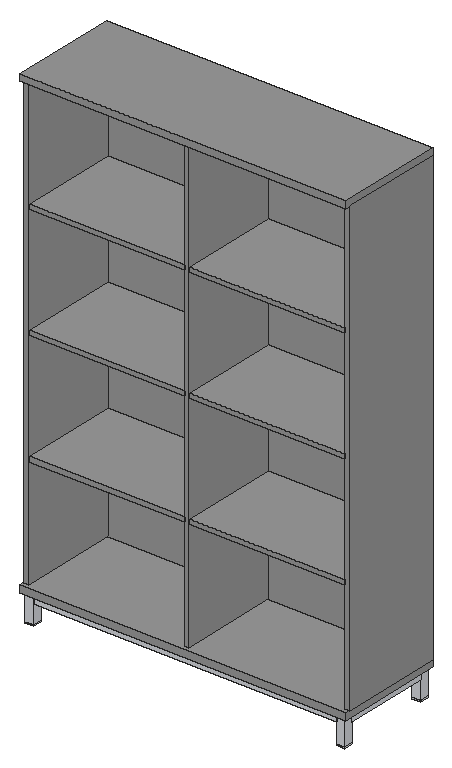
Revit family "Open Fronted Modular Storage With Wooden Door Options", category Furniture, Revit 2019 (continued)
Definition of nested family "Hinged Locking Wooden Doors - HD2 - Level 3"
  Definition of nested family "Handle Type B-1"
    Forms (mm)
      Extrusion 12, void
        sketch origin (-867.923, -128.373, 994.578) x (0, 1, 0) y (-1, 0, 0)
          loop
            line (71.667, -873.923) -> (97.075, -873.923) -> (97.075, -872.291) -> (71.667, -872.291) -> (71.667, -873.923)
        from -6 to 6
      Extrusion 13, void
        sketch origin (-862.923, -128.373, 994.578) x (0, 1, 0) y (-1, 0, 0)
          loop
            line (71.667, -873.923) -> (98.373, -873.923) -> (98.373, -872.291) -> (71.667, -872.291) -> (71.667, -873.923)
        from -6 to 6
      Extrusion 14, void
        sketch origin (-857.923, -128.373, 994.578) x (0, 1, 0) y (-1, 0, 0)
          loop
            line (71.667, -873.923) -> (98.373, -873.923) -> (98.373, -872.291) -> (71.667, -872.291) -> (71.667, -873.923)
        from -6 to 6
      Extrusion 15, void
        sketch origin (-852.923, -128.373, 994.578) x (0, 1, 0) y (-1, 0, 0)
          loop
            line (71.667, -873.923) -> (98.842, -873.923) -> (98.842, -872.291) -> (71.667, -872.291) -> (71.667, -873.923)
        from -6 to 6
      Extrusion 16, void
        sketch origin (-847.923, -128.373, 994.578) x (0, 1, 0) y (-1, 0, 0)
          loop
            line (71.667, -873.923) -> (99.385, -873.923) -> (99.385, -872.291) -> (71.667, -872.291) -> (71.667, -873.923)
        from -6 to 6
      Extrusion 17, void
        sketch origin (-842.923, -128.373, 994.578) x (0, 1, 0) y (-1, 0, 0)
          loop
            line (71.667, -873.923) -> (100.2, -873.923) -> (100.2, -872.291) -> (71.667, -872.291) -> (71.667, -873.923)
        from -6 to 6
      Extrusion 18, void
        sketch origin (-837.923, -128.373, 994.578) x (0, 1, 0) y (-1, 0, 0)
          loop
            line (71.667, -873.923) -> (100.984, -873.923) -> (100.984, -872.291) -> (71.667, -872.291) -> (71.667, -873.923)
        from -6 to 6
      Extrusion 19, void
        sketch origin (-832.923, -128.373, 994.578) x (0, 1, 0) y (-1, 0, 0)
          loop
            line (71.667, -873.923) -> (102.35, -873.923) -> (102.35, -872.291) -> (71.667, -872.291) -> (71.667, -873.923)
        from -6 to 6
    Cuts and joins
      Extrusion 1, Extrusion 4, Extrusion 5, Extrusion 6, Extrusion 7, Extrusion 8, Extrusion 9, Extrusion 10, Extrusion 11, Extrusion 12, Extrusion 13, Extrusion 14, Extrusion 15, Extrusion 16, Extrusion 17, Extrusion 18, Extrusion 19 cuts Sweep 3
    Lines and regions (mm)
      model lines, not visible, detail levels coarse+medium
        curve 1: line (75, 0, 999.578) -> (75, 0, 989.578)
      model lines, not visible
        curve 2: line (-75, 0, 999.578) -> (-75, 0, 989.578)
        curve 4: line (0, 0, 994.578) -> (0, -30, 994.578)
        curve 6: line (0, 0, 999.578) -> (0, 0, 989.578)
      model lines
        curve 3: line (-75, 0, 994.578) -> (75, 0, 994.578)
      sketch lines
        curve 5: arc (-85, -5, 994.578) -> (0, -30, 994.578) -> (85, -5, 994.578) r 157
    Dimensions and locks
      equal spacing: plane 4, plane 3 "Center (Left/Right)", plane 5
      locked: plane 4 to plane 5 at 950
      equal spacing: plane 6, plane 1 "Center (Front/Back)", plane 7
      locked: plane 6 to plane 7 at 520
      aligned and locked: level to plane 2
    Automatic sketch dimensions
      curve 4 to curve 4 = 30 mm
      curve 6 to plane 3 "Center (Left/Right)" = 0 mm
      plane 3 "Center (Left/Right)" to curve 1 = 75 mm
      level to curve 1 = 989.578 mm
      curve 3 to plane 3 "Center (Left/Right)" = 75 mm
      curve 2 to curve 1 = 0 mm
      curve 6 to curve 1 = 0 mm
      curve 2 to curve 3 = 5 mm
      curve 6 to curve 6 = 10 mm
      curve 3 to curve 2 = 5 mm
      curve 3 to curve 1 = 5 mm
      plane 3 "Center (Left/Right)" to Extrusion 1 sketch curve = 0.632 mm
      plane 1 "Center (Front/Back)" to Extrusion 1 sketch curve = 56.707 mm
      Extrusion 1 sketch curve to Extrusion 1 sketch curve = 25.409 mm
      Extrusion 1 sketch curve to plane 3 "Center (Left/Right)" = 1 mm
      plane 3 "Center (Left/Right)" to Extrusion 2 sketch curve = 75 mm
      level to Extrusion 2 sketch curve = 994.578 mm
      Extrusion 2 sketch curve to plane 3 "Center (Left/Right)" = 75 mm
      Extrusion 2 sketch curve to Extrusion 2 sketch curve = 0 mm
      Sweep 3 sketch curve to profile plane = 0 mm  (x2)
      Sweep 3 sketch curve to Sweep 3 sketch curve = 7.5 mm
      Extrusion 4 sketch curve to plane 3 "Center (Left/Right)" = 4.368 mm
      plane 1 "Center (Front/Back)" to Extrusion 4 sketch curve = 56.707 mm
      Extrusion 4 sketch curve to Extrusion 4 sketch curve = 25.409 mm
      Extrusion 4 sketch curve to Extrusion 4 sketch curve = 1.632 mm
      Extrusion 5 sketch curve to plane 3 "Center (Left/Right)" = 9.368 mm
      plane 1 "Center (Front/Back)" to Extrusion 5 sketch curve = 56.707 mm
      Extrusion 5 sketch curve to Extrusion 5 sketch curve = 26.707 mm
      Extrusion 5 sketch curve to Extrusion 5 sketch curve = 1.632 mm
      Extrusion 6 sketch curve to plane 3 "Center (Left/Right)" = 14.368 mm
      plane 1 "Center (Front/Back)" to Extrusion 6 sketch curve = 56.707 mm
      Extrusion 6 sketch curve to Extrusion 6 sketch curve = 26.707 mm
      Extrusion 6 sketch curve to Extrusion 6 sketch curve = 1.632 mm
      Extrusion 7 sketch curve to plane 3 "Center (Left/Right)" = 19.368 mm
      plane 1 "Center (Front/Back)" to Extrusion 7 sketch curve = 56.707 mm
      Extrusion 7 sketch curve to Extrusion 7 sketch curve = 27.176 mm
      Extrusion 7 sketch curve to Extrusion 7 sketch curve = 1.632 mm
      Extrusion 8 sketch curve to plane 3 "Center (Left/Right)" = 24.368 mm
      plane 1 "Center (Front/Back)" to Extrusion 8 sketch curve = 56.707 mm
      Extrusion 8 sketch curve to Extrusion 8 sketch curve = 27.719 mm
      Extrusion 8 sketch curve to Extrusion 8 sketch curve = 1.632 mm
      plane 1 "Center (Front/Back)" to Extrusion 9 sketch curve = 56.707 mm
      plane 1 "Center (Front/Back)" to Extrusion 9 sketch curve = 28.173 mm
      Extrusion 9 sketch curve to plane 3 "Center (Left/Right)" = 29.368 mm
      Extrusion 9 sketch curve to Extrusion 9 sketch curve = 1.632 mm
      plane 1 "Center (Front/Back)" to Extrusion 10 sketch curve = 56.707 mm
      plane 1 "Center (Front/Back)" to Extrusion 10 sketch curve = 27.389 mm
      Extrusion 10 sketch curve to plane 3 "Center (Left/Right)" = 34.368 mm
      Extrusion 10 sketch curve to Extrusion 10 sketch curve = 1.632 mm
      plane 1 "Center (Front/Back)" to Extrusion 11 sketch curve = 56.707 mm
      plane 1 "Center (Front/Back)" to Extrusion 11 sketch curve = 26.024 mm
      Extrusion 11 sketch curve to plane 3 "Center (Left/Right)" = 39.368 mm
      Extrusion 11 sketch curve to Extrusion 11 sketch curve = 1.632 mm
      plane 3 "Center (Left/Right)" to Extrusion 12 sketch curve = 4.368 mm
      plane 1 "Center (Front/Back)" to Extrusion 12 sketch curve = 56.707 mm
      Extrusion 12 sketch curve to Extrusion 12 sketch curve = 25.409 mm
      Extrusion 12 sketch curve to Extrusion 12 sketch curve = 1.632 mm
      plane 3 "Center (Left/Right)" to Extrusion 13 sketch curve = 9.368 mm
      plane 1 "Center (Front/Back)" to Extrusion 13 sketch curve = 56.707 mm
      Extrusion 13 sketch curve to Extrusion 13 sketch curve = 26.707 mm
      Extrusion 13 sketch curve to Extrusion 13 sketch curve = 1.632 mm
      plane 3 "Center (Left/Right)" to Extrusion 14 sketch curve = 14.368 mm
      plane 1 "Center (Front/Back)" to Extrusion 14 sketch curve = 56.707 mm
      Extrusion 14 sketch curve to Extrusion 14 sketch curve = 26.707 mm
      Extrusion 14 sketch curve to Extrusion 14 sketch curve = 1.632 mm
      plane 3 "Center (Left/Right)" to Extrusion 15 sketch curve = 19.368 mm
      plane 1 "Center (Front/Back)" to Extrusion 15 sketch curve = 56.707 mm
      Extrusion 15 sketch curve to Extrusion 15 sketch curve = 27.176 mm
      Extrusion 15 sketch curve to Extrusion 15 sketch curve = 1.632 mm
      plane 3 "Center (Left/Right)" to Extrusion 16 sketch curve = 24.368 mm
      plane 1 "Center (Front/Back)" to Extrusion 16 sketch curve = 56.707 mm
      Extrusion 16 sketch curve to Extrusion 16 sketch curve = 27.719 mm
      Extrusion 16 sketch curve to Extrusion 16 sketch curve = 1.632 mm
      plane 1 "Center (Front/Back)" to Extrusion 17 sketch curve = 56.707 mm
      plane 1 "Center (Front/Back)" to Extrusion 17 sketch curve = 28.173 mm
      plane 3 "Center (Left/Right)" to Extrusion 17 sketch curve = 31 mm
      Extrusion 17 sketch curve to Extrusion 17 sketch curve = 1.632 mm
      plane 1 "Center (Front/Back)" to Extrusion 18 sketch curve = 56.707 mm
      plane 1 "Center (Front/Back)" to Extrusion 18 sketch curve = 27.389 mm
      plane 3 "Center (Left/Right)" to Extrusion 18 sketch curve = 36 mm
      Extrusion 18 sketch curve to Extrusion 18 sketch curve = 1.632 mm
      plane 1 "Center (Front/Back)" to Extrusion 19 sketch curve = 56.707 mm
      plane 1 "Center (Front/Back)" to Extrusion 19 sketch curve = 26.024 mm
      plane 3 "Center (Left/Right)" to Extrusion 19 sketch curve = 41 mm
      Extrusion 19 sketch curve to Extrusion 19 sketch curve = 1.632 mm
      curve 4 to plane 1 "Center (Front/Back)" = 0 mm
      level to curve 4 = 994.578 mm
      radius of Extrusion 2 sketch curve = 4 mm  (x2)
  Definition of nested family "Handle Type D-1"
    Parameters (values of type "Handle Type D-1")
      URL = "www.gof.co.uk"
      Type Comments = ""
      Range = "STORAGE"
      Handle Type D = none
      Product Code = "Handle Type D"
      Model = ""
      Manufacturer = "Gresham Office Furniture"  # constant formula
      Assembly Code = "E2020200"
    Reference planes
      plane 1 "Center (Front/Back)": y = 0
      plane 2: z = 0
      plane 3 "Center (Left/Right)": x = 0
      plane 4: x = -475
      plane 5: x = 475
      plane 6: y = 260
      plane 7: y = -260
    Forms (mm)
      Extrusion 1, solid
        sketch origin (994.578, 0, 994.578) x (0, 0, 1) y (0, 1, 0)
          loop
            line (5, 0) -> (-5, 0) -> (-5, -6.91)
            arc (-5, -6.91) -> (-7.006, -15.176) -> (0, -20) r 7.5
            arc (0, -20) -> (7.006, -15.176) -> (5, -6.91) r 7.5
            line (5, -6.91) -> (5, 0)
        from 919.578 to 1069.578
    Lines and regions (mm)
      model lines, not visible, detail levels coarse+medium
        curve 1: line (75, 0, 999.578) -> (75, 0, 989.578)
        curve 2: line (-75, 0, 999.578) -> (-75, 0, 989.578)
      model lines, detail levels coarse+medium
        curve 3: line (-75, 0, 994.578) -> (75, 0, 994.578)
      model lines, not visible
        curve 4: line (0, 0, 999.578) -> (0, 0, 989.578)
    Dimensions and locks
      aligned and locked: level to plane 2
Definition of nested family "Hinged Locking Wooden Doors - HD2 - Level 1"
  Parameters (values of type "Hinged Locking Wooden Doors - HD2 - Level 1")
    Width = 1200 mm
    URL = "www.gof.co.uk"
    Range = "STORAGE"
    Product Data Specification = ""
    Product Code = "HD2"
    Product Brochure = ""
    Model = "BOOKCASE"
    Manufacturer = "Gresham Office Furniture"  # constant formula
    Height = 1816 mm
    Handle Type D [instance] = no
    Handle Type C [instance] = yes
    Handle Type B [instance] = no
    HD2 - Lock = yes
    Doors = none
    Depth = 400 mm
  Reference planes
    plane 1 "Center (Front/Back)": y = 0
    plane 2: z = 0
    plane 3 "Center (Left/Right)": x = 0
    plane 4: x = -600
    plane 5: x = 600
    plane 6: y = 200
    plane 7 "Front": y = -200
    plane 8 "Storage Top": z = 1816
    plane 9: z = 1803.5
    plane 10 "Door Front": y = -182
    plane 11: z = 112.5
    plane 12: z = 1791
    plane 13: z = 1400
    plane 14: z = 984
    plane 15: z = 959
    plane 16: z = 1375
    plane 17: z = 125
    plane 18: z = 100
  Forms (mm)
    Extrusion 1, solid, material <- "Doors", visible <- "HD2 - Lock"
      sketch origin (-839.743, -182, 1119.4) x (1, 0, 0) y (0, 0, 1)
        loop
          line (840.743, -990.4) -> (1439.743, -990.4) -> (1439.743, -163.4) -> (840.743, -163.4) -> (840.743, -990.4)
      from 0 to 18
    Extrusion 2, solid, visible <- "HD2 - Lock"
      sketch origin (0, 0, 415.5) x (-1, 0, 0) y (0, 0, -1)
        loop
          circle (-43, -457) r 10
      from 200 to 202
    Extrusion 3, solid, material <- "Doors", visible <- "HD2 - Lock"
      sketch origin (839.743, -182, 1119.4) x (-1, 0, 0) y (0, 0, -1)
        loop
          line (840.743, 163.4) -> (1439.743, 163.4) -> (1439.743, 990.4) -> (840.743, 990.4) -> (840.743, 163.4)
      from 0 to 18
    Extrusion 4, solid, visible <- "HD2 - Lock"
      sketch origin (0, 0, 415.5) x (1, 0, 0) y (0, 0, 1)
        loop
          circle (-43, 457) r 10
      from 200 to 202
  Dimensions and locks
    equal spacing: plane 4, plane 3 "Center (Left/Right)", plane 5
    "Width": plane 4 to plane 5
    equal spacing: plane 6, plane 1 "Center (Front/Back)", plane 7 "Front"
    "Depth": plane 6 to plane 7 "Front"
    "Height": plane 8 "Storage Top" to plane 2
    locked: plane 8 "Storage Top" to plane 9 at 12.5
    locked: plane 10 "Door Front" to plane 7 "Front" at 18
    locked: plane 11 to level at 112.5
    locked: plane 8 "Storage Top" to plane 12 at 25
    plane 12 to plane 11 = 1678.5 mm  (x2)
    locked: plane 13 to level at 1400
    locked: plane 14 to level at 984
    locked: plane 14 to plane 15 at 25
    locked: plane 13 to plane 16 at 25
    locked: plane 17 to plane 18 at 25
    Extrusion 1 to Extrusion 1 = 827 mm
    locked: Extrusion 1 to Extrusion 1 at 18
    locked: Extrusion 1 to nested 2 at 99
    locked: Extrusion 1 to nested 2 at 83.5
    locked: Extrusion 1 to nested 1 at 99
    locked: Extrusion 1 to nested 1 at 83.5
    locked: Extrusion 1 to nested 3 at 83.5
    locked: Extrusion 1 to nested 3 at 99
    locked: Extrusion 3 to Extrusion 3 at 18
    locked: Extrusion 3 to nested 6 at 99
    locked: Extrusion 3 to nested 6 at 83.5
    locked: Extrusion 3 to nested 4 at 99
    locked: Extrusion 3 to nested 4 at 83.5
    locked: Extrusion 3 to nested 5 at 83.5
    locked: Extrusion 3 to nested 5 at 99
    locked: Extrusion 1 sketch curve to plane 17 at 4
    aligned and locked: level to plane 2
    aligned and locked: Extrusion 2 sketch curve to nested 1
    aligned and locked: nested 6 to Extrusion 4 sketch curve
    aligned and locked: Extrusion 3 sketch curve to Extrusion 1
  Automatic sketch dimensions
    plane 5 to Extrusion 1 sketch curve = 0 mm
    plane 3 "Center (Left/Right)" to Extrusion 1 sketch curve = 1 mm
    Extrusion 1 sketch curve to plane 15 = 3 mm
    Extrusion 2 sketch curve to plane 3 "Center (Left/Right)" = 43 mm
    Extrusion 4 sketch curve to plane 3 "Center (Left/Right)" = 43 mm
    Extrusion 3 sketch curve to plane 4 = 0 mm
    Extrusion 3 sketch curve to plane 15 = 3 mm
    Extrusion 3 sketch curve to plane 3 "Center (Left/Right)" = 1 mm
    radius of Extrusion 2 sketch curve = 10 mm
    radius of Extrusion 4 sketch curve = 10 mm
  Nested families
    nested 1: "Handle Type C-1" at (175, -200, -108.638) x (-1, 0, 0) z (0, 0, 1), visible <- "Handle Type C", type "Handle Type C-1"
    nested 2: "Handle Type B-1" at (175, -200, -122.078) x (-1, 0, 0) z (0, 0, 1), visible <- "Handle Type B", type "Handle Type B-1"
    nested 3: "Handle Type D-1" at (175, -200, -122.078) x (-1, 0, 0) z (0, 0, 1), visible <- "Handle Type D", type "Handle Type D-1"
    nested 4: "Handle Type C-1" at (-175, -200, -108.638), visible <- "Handle Type C", type "Handle Type C-1"
    nested 5: "Handle Type B-1" at (-175, -200, -122.078), visible <- "Handle Type B", type "Handle Type B-1"
    nested 6: "Handle Type D-1" at (-175, -200, -122.078), visible <- "Handle Type D", type "Handle Type D-1"
  Definition of nested family "Handle Type C-1"
    Parameters (values of type "Handle Type C-1")
      URL = "www.gof.co.uk"
      Type Comments = ""
      Range = "STORAGE"
      Handle Type C = none
      Product Code = "Handle Type C"
      Model = ""
      Manufacturer = "Gresham Office Furniture"  # constant formula
      Assembly Code = "E2020200"
    Reference planes
      plane 1 "Center (Front/Back)": y = 0
      plane 2: z = 0
      plane 3 "Center (Left/Right)": x = 0
      plane 4: x = -475
      plane 5: x = 475
      plane 6 "Storage Top": z = 2007
      plane 7: y = 260
      plane 8: y = -260
    Forms (mm)
      Extrusion 1, void
        sketch origin (981.138, 0, 981.138) x (0, 1, 0) y (-1, 0, 0)
          loop
            line (0, 1072) -> (0, 884.5) -> (27.401, 884.5) -> (27.401, 1072) -> (0, 1072)
        from -12.204 to 11.22
      Sweep 2, solid, material <- "Handle Type C"
        path in 3D
          loop
            arc (-78.75, 3.75, 981.138) -> (0, -30, 981.138) -> (78.75, 3.75, 981.138) r 108.75
        profile origin (0, -30, 981.138) x (0, 1, 0) y (0, 0, 1)
          loop
            circle (0, 0) r 5
    Cuts and joins
      Extrusion 1 cuts Sweep 2
    Lines and regions (mm)
      model lines, detail levels coarse+medium
        curve 1: line (68, 0, 981.138) -> (-68, 0, 981.138)
      model lines, not visible, detail levels coarse+medium
        curve 2: line (0, 0, 986.138) -> (0, 0, 976.138)
      model lines, not visible
        curve 3: line (0, 0, 981.138) -> (0, -30, 981.138)
        curve 5: line (-75, 0, 976.138) -> (-75, 0, 986.138)
        curve 6: line (75, 0, 986.138) -> (75, 0, 976.138)
      sketch lines
        curve 4: arc (-78.75, 3.75, 981.138) -> (0, -30, 981.138) -> (78.75, 3.75, 981.138) r 108.75
    Dimensions and locks
      equal spacing: plane 4, plane 3 "Center (Left/Right)", plane 5
      locked: plane 4 to plane 5 at 950
      equal spacing: plane 7, plane 1 "Center (Front/Back)", plane 8
      locked: plane 7 to plane 8 at 520
      aligned and locked: level to plane 2
    Automatic sketch dimensions
      curve 3 to plane 1 "Center (Front/Back)" = 0 mm
      plane 1 "Center (Front/Back)" to curve 3 = 30 mm
      curve 2 to plane 3 "Center (Left/Right)" = 0 mm
      level to curve 2 = 976.138 mm
      curve 1 to plane 3 "Center (Left/Right)" = 68 mm
      curve 5 to curve 1 = 7 mm
      plane 3 "Center (Left/Right)" to curve 1 = 68 mm
      curve 1 to curve 6 = 7 mm
      curve 6 to curve 2 = 0 mm
      curve 5 to curve 2 = 0 mm
      curve 5 to curve 1 = 5 mm
      curve 1 to curve 6 = 5 mm
      curve 1 to curve 5 = 5 mm
      curve 2 to curve 2 = 10 mm
      plane 1 "Center (Front/Back)" to Extrusion 1 sketch curve = 0 mm
      Extrusion 1 sketch curve to plane 1 "Center (Front/Back)" = 27.401 mm
      plane 3 "Center (Left/Right)" to Extrusion 1 sketch curve = 96.638 mm
      Extrusion 1 sketch curve to plane 3 "Center (Left/Right)" = 90.862 mm
      Sweep 2 sketch curve to profile plane = 0 mm  (x2)
      level to curve 3 = 981.138 mm
      radius of Sweep 2 sketch curve = 5 mm
  Definition of nested family "Handle Type B-1"
    Parameters (values of type "Handle Type B-1")
      URL = "www.gof.co.uk"
      Type Comments = ""
      Range = "STORAGE"
      Handle Type B = none
      Product Code = "Handle Type B"
      Model = ""
      Manufacturer = "Gresham Office Furniture"  # constant formula
      Assembly Code = "E2020200"
    Reference planes
      plane 1 "Center (Front/Back)": y = 0
      plane 2: z = 0
      plane 3 "Center (Left/Right)": x = 0
      plane 4: x = -475
      plane 5: x = 475
      plane 6: y = 260
      plane 7: y = -260
    Forms (mm)
      Extrusion 1, void
        sketch origin (872.923, -128.373, 994.578) x (0, 1, 0) y (-1, 0, 0)
          loop
            line (71.667, 873.923) -> (71.667, 872.291) -> (97.075, 872.291) -> (97.075, 873.923) -> (71.667, 873.923)
        from -6 to 6
      Extrusion 2, solid
        sketch origin (988.138, 0, 994.578) x (0, 0, 1) y (-1, 0, 0)
          loop
            circle (0, 1063.138) r 4
          loop
            circle (0, 913.138) r 4
        from 0 to 10.354
      Sweep 3, solid
        path in 3D
          loop
            arc (-85, -5, 994.578) -> (0, -30, 994.578) -> (85, -5, 994.578) r 157
        profile origin (0, -30, 994.578) x (0, 1, 0) y (0, 0, 1)
          loop
            spline (0, 7.5) -> (-0.776, 7.244) -> (-1.5, 6.495) -> (-2.121, 5.303) -> (-2.598, 3.75) -> (-2.898, 1.941) -> (-3, 0) -> (-2.898, -1.941) -> (-2.598, -3.75) -> (-2.121, -5.303) -> (-1.5, -6.495) -> (-0.776, -7.244) -> (0, -7.5)
            spline (0, -7.5) -> (0.776, -7.244) -> (1.5, -6.495) -> (2.121, -5.303) -> (2.598, -3.75) -> (2.898, -1.941) -> (3, 0) -> (2.898, 1.941) -> (2.598, 3.75) -> (2.121, 5.303) -> (1.5, 6.495) -> (0.776, 7.244) -> (0, 7.5)
      Extrusion 4, void
        sketch origin (867.923, -128.373, 994.578) x (0, 1, 0) y (-1, 0, 0)
          loop
            line (71.667, 873.923) -> (71.667, 872.291) -> (97.075, 872.291) -> (97.075, 873.923) -> (71.667, 873.923)
        from -6 to 6
      Extrusion 5, void
        sketch origin (862.923, -128.373, 994.578) x (0, 1, 0) y (-1, 0, 0)
          loop
            line (71.667, 873.923) -> (71.667, 872.291) -> (98.373, 872.291) -> (98.373, 873.923) -> (71.667, 873.923)
        from -6 to 6
      Extrusion 6, void
        sketch origin (857.923, -128.373, 994.578) x (0, 1, 0) y (-1, 0, 0)
          loop
            line (71.667, 873.923) -> (71.667, 872.291) -> (98.373, 872.291) -> (98.373, 873.923) -> (71.667, 873.923)
        from -6 to 6
      Extrusion 7, void
        sketch origin (852.923, -128.373, 994.578) x (0, 1, 0) y (-1, 0, 0)
          loop
            line (71.667, 873.923) -> (71.667, 872.291) -> (98.842, 872.291) -> (98.842, 873.923) -> (71.667, 873.923)
        from -6 to 6
      Extrusion 8, void
        sketch origin (847.923, -128.373, 994.578) x (0, 1, 0) y (-1, 0, 0)
          loop
            line (71.667, 873.923) -> (71.667, 872.291) -> (99.385, 872.291) -> (99.385, 873.923) -> (71.667, 873.923)
        from -6 to 6
      Extrusion 9, void
        sketch origin (842.923, -128.373, 994.578) x (0, 1, 0) y (-1, 0, 0)
          loop
            line (71.667, 873.923) -> (71.667, 872.291) -> (100.2, 872.291) -> (100.2, 873.923) -> (71.667, 873.923)
        from -6 to 6
      Extrusion 10, void
        sketch origin (837.923, -128.373, 994.578) x (0, 1, 0) y (-1, 0, 0)
          loop
            line (71.667, 873.923) -> (71.667, 872.291) -> (100.984, 872.291) -> (100.984, 873.923) -> (71.667, 873.923)
        from -6 to 6
      Extrusion 11, void
        sketch origin (832.923, -128.373, 994.578) x (0, 1, 0) y (-1, 0, 0)
          loop
            line (71.667, 873.923) -> (71.667, 872.291) -> (102.35, 872.291) -> (102.35, 873.923) -> (71.667, 873.923)
        from -6 to 6
      Extrusion 12, void
        sketch origin (-867.923, -128.373, 994.578) x (0, 1, 0) y (-1, 0, 0)
          loop
            line (71.667, -873.923) -> (97.075, -873.923) -> (97.075, -872.291) -> (71.667, -872.291) -> (71.667, -873.923)
        from -6 to 6
      Extrusion 13, void
        sketch origin (-862.923, -128.373, 994.578) x (0, 1, 0) y (-1, 0, 0)
          loop
            line (71.667, -873.923) -> (98.373, -873.923) -> (98.373, -872.291) -> (71.667, -872.291) -> (71.667, -873.923)
        from -6 to 6
      Extrusion 14, void
        sketch origin (-857.923, -128.373, 994.578) x (0, 1, 0) y (-1, 0, 0)
          loop
            line (71.667, -873.923) -> (98.373, -873.923) -> (98.373, -872.291) -> (71.667, -872.291) -> (71.667, -873.923)
        from -6 to 6
      Extrusion 15, void
        sketch origin (-852.923, -128.373, 994.578) x (0, 1, 0) y (-1, 0, 0)
          loop
            line (71.667, -873.923) -> (98.842, -873.923) -> (98.842, -872.291) -> (71.667, -872.291) -> (71.667, -873.923)
        from -6 to 6
      Extrusion 16, void
        sketch origin (-847.923, -128.373, 994.578) x (0, 1, 0) y (-1, 0, 0)
          loop
            line (71.667, -873.923) -> (99.385, -873.923) -> (99.385, -872.291) -> (71.667, -872.291) -> (71.667, -873.923)
        from -6 to 6
      Extrusion 17, void
        sketch origin (-842.923, -128.373, 994.578) x (0, 1, 0) y (-1, 0, 0)
          loop
            line (71.667, -873.923) -> (100.2, -873.923) -> (100.2, -872.291) -> (71.667, -872.291) -> (71.667, -873.923)
        from -6 to 6
      Extrusion 18, void
        sketch origin (-837.923, -128.373, 994.578) x (0, 1, 0) y (-1, 0, 0)
          loop
            line (71.667, -873.923) -> (100.984, -873.923) -> (100.984, -872.291) -> (71.667, -872.291) -> (71.667, -873.923)
        from -6 to 6
      Extrusion 19, void
        sketch origin (-832.923, -128.373, 994.578) x (0, 1, 0) y (-1, 0, 0)
          loop
            line (71.667, -873.923) -> (102.35, -873.923) -> (102.35, -872.291) -> (71.667, -872.291) -> (71.667, -873.923)
        from -6 to 6
    Cuts and joins
      Extrusion 1, Extrusion 4, Extrusion 5, Extrusion 6, Extrusion 7, Extrusion 8, Extrusion 9, Extrusion 10, Extrusion 11, Extrusion 12, Extrusion 13, Extrusion 14, Extrusion 15, Extrusion 16, Extrusion 17, Extrusion 18, Extrusion 19 cuts Sweep 3
    Lines and regions (mm)
      model lines, not visible, detail levels coarse+medium
        curve 1: line (75, 0, 999.578) -> (75, 0, 989.578)
      model lines, not visible
        curve 2: line (-75, 0, 999.578) -> (-75, 0, 989.578)
        curve 4: line (0, 0, 994.578) -> (0, -30, 994.578)
        curve 6: line (0, 0, 999.578) -> (0, 0, 989.578)
      model lines
        curve 3: line (-75, 0, 994.578) -> (75, 0, 994.578)
      sketch lines
        curve 5: arc (-85, -5, 994.578) -> (0, -30, 994.578) -> (85, -5, 994.578) r 157
    Dimensions and locks
      equal spacing: plane 4, plane 3 "Center (Left/Right)", plane 5
      locked: plane 4 to plane 5 at 950
      equal spacing: plane 6, plane 1 "Center (Front/Back)", plane 7
      locked: plane 6 to plane 7 at 520
      aligned and locked: level to plane 2
    Automatic sketch dimensions
      curve 4 to curve 4 = 30 mm
      curve 6 to plane 3 "Center (Left/Right)" = 0 mm
      plane 3 "Center (Left/Right)" to curve 1 = 75 mm
      level to curve 1 = 989.578 mm
      curve 3 to plane 3 "Center (Left/Right)" = 75 mm
      curve 2 to curve 1 = 0 mm
      curve 6 to curve 1 = 0 mm
      curve 2 to curve 3 = 5 mm
      curve 6 to curve 6 = 10 mm
      curve 3 to curve 2 = 5 mm
      curve 3 to curve 1 = 5 mm
      plane 3 "Center (Left/Right)" to Extrusion 1 sketch curve = 0.632 mm
      plane 1 "Center (Front/Back)" to Extrusion 1 sketch curve = 56.707 mm
      Extrusion 1 sketch curve to Extrusion 1 sketch curve = 25.409 mm
      Extrusion 1 sketch curve to plane 3 "Center (Left/Right)" = 1 mm
      plane 3 "Center (Left/Right)" to Extrusion 2 sketch curve = 75 mm
      level to Extrusion 2 sketch curve = 994.578 mm
      Extrusion 2 sketch curve to plane 3 "Center (Left/Right)" = 75 mm
      Extrusion 2 sketch curve to Extrusion 2 sketch curve = 0 mm
      Sweep 3 sketch curve to profile plane = 0 mm  (x2)
      Sweep 3 sketch curve to Sweep 3 sketch curve = 7.5 mm
      Extrusion 4 sketch curve to plane 3 "Center (Left/Right)" = 4.368 mm
      plane 1 "Center (Front/Back)" to Extrusion 4 sketch curve = 56.707 mm
      Extrusion 4 sketch curve to Extrusion 4 sketch curve = 25.409 mm
      Extrusion 4 sketch curve to Extrusion 4 sketch curve = 1.632 mm
      Extrusion 5 sketch curve to plane 3 "Center (Left/Right)" = 9.368 mm
      plane 1 "Center (Front/Back)" to Extrusion 5 sketch curve = 56.707 mm
      Extrusion 5 sketch curve to Extrusion 5 sketch curve = 26.707 mm
      Extrusion 5 sketch curve to Extrusion 5 sketch curve = 1.632 mm
      Extrusion 6 sketch curve to plane 3 "Center (Left/Right)" = 14.368 mm
      plane 1 "Center (Front/Back)" to Extrusion 6 sketch curve = 56.707 mm
      Extrusion 6 sketch curve to Extrusion 6 sketch curve = 26.707 mm
      Extrusion 6 sketch curve to Extrusion 6 sketch curve = 1.632 mm
      Extrusion 7 sketch curve to plane 3 "Center (Left/Right)" = 19.368 mm
      plane 1 "Center (Front/Back)" to Extrusion 7 sketch curve = 56.707 mm
      Extrusion 7 sketch curve to Extrusion 7 sketch curve = 27.176 mm
      Extrusion 7 sketch curve to Extrusion 7 sketch curve = 1.632 mm
      Extrusion 8 sketch curve to plane 3 "Center (Left/Right)" = 24.368 mm
      plane 1 "Center (Front/Back)" to Extrusion 8 sketch curve = 56.707 mm
      Extrusion 8 sketch curve to Extrusion 8 sketch curve = 27.719 mm
      Extrusion 8 sketch curve to Extrusion 8 sketch curve = 1.632 mm
      plane 1 "Center (Front/Back)" to Extrusion 9 sketch curve = 56.707 mm
      plane 1 "Center (Front/Back)" to Extrusion 9 sketch curve = 28.173 mm
      Extrusion 9 sketch curve to plane 3 "Center (Left/Right)" = 29.368 mm
      Extrusion 9 sketch curve to Extrusion 9 sketch curve = 1.632 mm
      plane 1 "Center (Front/Back)" to Extrusion 10 sketch curve = 56.707 mm
      plane 1 "Center (Front/Back)" to Extrusion 10 sketch curve = 27.389 mm
      Extrusion 10 sketch curve to plane 3 "Center (Left/Right)" = 34.368 mm
      Extrusion 10 sketch curve to Extrusion 10 sketch curve = 1.632 mm
      plane 1 "Center (Front/Back)" to Extrusion 11 sketch curve = 56.707 mm
      plane 1 "Center (Front/Back)" to Extrusion 11 sketch curve = 26.024 mm
      Extrusion 11 sketch curve to plane 3 "Center (Left/Right)" = 39.368 mm
      Extrusion 11 sketch curve to Extrusion 11 sketch curve = 1.632 mm
      plane 3 "Center (Left/Right)" to Extrusion 12 sketch curve = 4.368 mm
      plane 1 "Center (Front/Back)" to Extrusion 12 sketch curve = 56.707 mm
      Extrusion 12 sketch curve to Extrusion 12 sketch curve = 25.409 mm
      Extrusion 12 sketch curve to Extrusion 12 sketch curve = 1.632 mm
      plane 3 "Center (Left/Right)" to Extrusion 13 sketch curve = 9.368 mm
      plane 1 "Center (Front/Back)" to Extrusion 13 sketch curve = 56.707 mm
      Extrusion 13 sketch curve to Extrusion 13 sketch curve = 26.707 mm
      Extrusion 13 sketch curve to Extrusion 13 sketch curve = 1.632 mm
      plane 3 "Center (Left/Right)" to Extrusion 14 sketch curve = 14.368 mm
      plane 1 "Center (Front/Back)" to Extrusion 14 sketch curve = 56.707 mm
      Extrusion 14 sketch curve to Extrusion 14 sketch curve = 26.707 mm
      Extrusion 14 sketch curve to Extrusion 14 sketch curve = 1.632 mm
      plane 3 "Center (Left/Right)" to Extrusion 15 sketch curve = 19.368 mm
      plane 1 "Center (Front/Back)" to Extrusion 15 sketch curve = 56.707 mm
      Extrusion 15 sketch curve to Extrusion 15 sketch curve = 27.176 mm
      Extrusion 15 sketch curve to Extrusion 15 sketch curve = 1.632 mm
      plane 3 "Center (Left/Right)" to Extrusion 16 sketch curve = 24.368 mm
      plane 1 "Center (Front/Back)" to Extrusion 16 sketch curve = 56.707 mm
      Extrusion 16 sketch curve to Extrusion 16 sketch curve = 27.719 mm
      Extrusion 16 sketch curve to Extrusion 16 sketch curve = 1.632 mm
      plane 1 "Center (Front/Back)" to Extrusion 17 sketch curve = 56.707 mm
      plane 1 "Center (Front/Back)" to Extrusion 17 sketch curve = 28.173 mm
      plane 3 "Center (Left/Right)" to Extrusion 17 sketch curve = 31 mm
      Extrusion 17 sketch curve to Extrusion 17 sketch curve = 1.632 mm
      plane 1 "Center (Front/Back)" to Extrusion 18 sketch curve = 56.707 mm
      plane 1 "Center (Front/Back)" to Extrusion 18 sketch curve = 27.389 mm
      plane 3 "Center (Left/Right)" to Extrusion 18 sketch curve = 36 mm
      Extrusion 18 sketch curve to Extrusion 18 sketch curve = 1.632 mm
      plane 1 "Center (Front/Back)" to Extrusion 19 sketch curve = 56.707 mm
      plane 1 "Center (Front/Back)" to Extrusion 19 sketch curve = 26.024 mm
      plane 3 "Center (Left/Right)" to Extrusion 19 sketch curve = 41 mm
      Extrusion 19 sketch curve to Extrusion 19 sketch curve = 1.632 mm
      curve 4 to plane 1 "Center (Front/Back)" = 0 mm
      level to curve 4 = 994.578 mm
      radius of Extrusion 2 sketch curve = 4 mm  (x2)
  Definition of nested family "Handle Type D-1"
    Parameters (values of type "Handle Type D-1")
      URL = "www.gof.co.uk"
      Type Comments = ""
      Range = "STORAGE"
      Handle Type D = none
      Product Code = "Handle Type D"
      Model = ""
      Manufacturer = "Gresham Office Furniture"  # constant formula
      Assembly Code = "E2020200"
    Reference planes
      plane 1 "Center (Front/Back)": y = 0
      plane 2: z = 0
      plane 3 "Center (Left/Right)": x = 0
      plane 4: x = -475
      plane 5: x = 475
      plane 6: y = 260
      plane 7: y = -260
    Forms (mm)
      Extrusion 1, solid
        sketch origin (994.578, 0, 994.578) x (0, 0, 1) y (0, 1, 0)
          loop
            line (5, 0) -> (-5, 0) -> (-5, -6.91)
            arc (-5, -6.91) -> (-7.006, -15.176) -> (0, -20) r 7.5
            arc (0, -20) -> (7.006, -15.176) -> (5, -6.91) r 7.5
            line (5, -6.91) -> (5, 0)
        from 919.578 to 1069.578
    Lines and regions (mm)
      model lines, not visible, detail levels coarse+medium
        curve 1: line (75, 0, 999.578) -> (75, 0, 989.578)
        curve 2: line (-75, 0, 999.578) -> (-75, 0, 989.578)
      model lines, detail levels coarse+medium
        curve 3: line (-75, 0, 994.578) -> (75, 0, 994.578)
      model lines, not visible
        curve 4: line (0, 0, 999.578) -> (0, 0, 989.578)
    Dimensions and locks
      aligned and locked: level to plane 2
Definition of nested family "Hinged Locking Wooden Doors - HD3 - Level 1"
  Parameters (values of type "Hinged Locking Wooden Doors - HD3 - Level 1")
    Width = 1200 mm
    URL = "www.gof.co.uk"
    Shelves = none
    Range = "STORAGE"
    Product Data Specification = ""
    Product Code = "HD3"
    Product Brochure = ""
    Model = "BOOKCASE"
    Manufacturer = "Gresham Office Furniture"  # constant formula
    Height = 1816 mm
    Handle Type D [instance] = no
    Handle Type C [instance] = yes
    Handle Type B [instance] = no
    HD4 - Lock = yes
    Doors = none
    Carcass = none
    Depth = 400 mm
  Reference planes
    plane 1 "Center (Front/Back)": y = 0
    plane 2: z = 0
    plane 3 "Center (Left/Right)": x = 0
    plane 4: x = -600
    plane 5: x = 600
    plane 6: y = 200
    plane 7 "Front": y = -200
    plane 8 "Storage Top": z = 1816
    plane 9: z = 1803.5
    plane 10 "Door Front": y = -182
    plane 11: z = 112.5
    plane 12: z = 1791
    plane 13: z = 1400
    plane 14: z = 984
    plane 15: z = 959
    plane 16: z = 1375
    plane 17: z = 125
    plane 18: z = 100
  Forms (mm)
    Extrusion 1, solid, material <- "Doors", visible <- "HD4 - Lock"
      sketch origin (-839.743, -182, 1534.9) x (1, 0, 0) y (0, 0, 1)
        loop
          line (840.743, -1405.9) -> (1439.743, -1405.9) -> (1439.743, -163.4) -> (840.743, -163.4) -> (840.743, -1405.9)
      from 0 to 18
    Extrusion 2, solid, visible <- "HD4 - Lock"
      sketch origin (0, 0, 831) x (-1, 0, 0) y (0, 0, -1)
        loop
          circle (-43, -212.5) r 10
      from 200 to 202
    Extrusion 3, solid, material <- "Doors", visible <- "HD4 - Lock"
      sketch origin (839.743, -182, 1534.9) x (-1, 0, 0) y (0, 0, -1)
        loop
          line (840.743, 1405.9) -> (840.743, 163.4) -> (1439.743, 163.4) -> (1439.743, 1405.9) -> (840.743, 1405.9)
      from 0 to 18
    Extrusion 4, solid, visible <- "HD4 - Lock"
      sketch origin (0, 0, 831) x (1, 0, 0) y (0, 0, 1)
        loop
          circle (-43, 212.5) r 10
      from 200 to 202
  Dimensions and locks
    equal spacing: plane 4, plane 3 "Center (Left/Right)", plane 5
    "Width": plane 4 to plane 5
    equal spacing: plane 6, plane 1 "Center (Front/Back)", plane 7 "Front"
    "Depth": plane 6 to plane 7 "Front"
    "Height": plane 8 "Storage Top" to plane 2
    locked: plane 8 "Storage Top" to plane 9 at 12.5
    locked: plane 10 "Door Front" to plane 7 "Front" at 18
    locked: plane 11 to level at 112.5
    locked: plane 8 "Storage Top" to plane 12 at 25
    plane 12 to plane 11 = 1678.5 mm  (x2)
    locked: plane 13 to level at 1400
    locked: plane 14 to level at 984
    locked: plane 14 to plane 15 at 25
    locked: plane 13 to plane 16 at 25
    locked: plane 17 to plane 18 at 25
    locked: Extrusion 1 to Extrusion 1 at 18
    locked: Extrusion 1 to nested 2 at 99
    locked: Extrusion 1 to nested 1 at 99
    locked: Extrusion 1 to nested 3 at 99
    locked: Extrusion 3 to Extrusion 3 at 18
    locked: Extrusion 3 to nested 6 at 99
    locked: Extrusion 3 to nested 4 at 99
    locked: Extrusion 3 to nested 5 at 99
    plane 16 to Extrusion 1 = 3.5 mm
    locked: Extrusion 1 sketch curve to plane 17 at 4
    aligned and locked: level to plane 2
    aligned and locked: nested 6 to Extrusion 4 sketch curve
    aligned and locked: Extrusion 3 to Extrusion 1
  Automatic sketch dimensions
    plane 5 to Extrusion 1 sketch curve = 0 mm
    plane 3 "Center (Left/Right)" to Extrusion 1 sketch curve = 1 mm
    plane 16 to Extrusion 1 sketch curve = 3.5 mm
    plane 3 "Center (Left/Right)" to Extrusion 2 sketch curve = 43 mm
    Extrusion 2 sketch curve to plane 14 = 59.5 mm
    Extrusion 3 sketch curve to plane 4 = 0 mm
    Extrusion 3 sketch curve to plane 3 "Center (Left/Right)" = 1 mm
    plane 16 to Extrusion 3 sketch curve = 3.5 mm
    Extrusion 3 sketch curve to plane 15 = 830 mm
    Extrusion 4 sketch curve to plane 3 "Center (Left/Right)" = 43 mm
    radius of Extrusion 2 sketch curve = 10 mm
    radius of Extrusion 4 sketch curve = 10 mm
  Nested families
    nested 1: "Handle Type C-1" at (175, -200, 62.362) x (-1, 0, 0) z (0, 0, 1), visible <- "Handle Type C", type "Handle Type C-1"
    nested 2: "Handle Type B-1" at (175, -200, 48.922) x (-1, 0, 0) z (0, 0, 1), visible <- "Handle Type B", type "Handle Type B-1"
    nested 3: "Handle Type D-1" at (175, -200, 48.922) x (-1, 0, 0) z (0, 0, 1), visible <- "Handle Type D", type "Handle Type D-1"
    nested 4: "Handle Type C-1" at (-175, -200, 62.362), visible <- "Handle Type C", type "Handle Type C-1"
    nested 5: "Handle Type B-1" at (-175, -200, 48.922), visible <- "Handle Type B", type "Handle Type B-1"
    nested 6: "Handle Type D-1" at (-175, -200, 48.922), visible <- "Handle Type D", type "Handle Type D-1"
  Definition of nested family "Handle Type C-1"
    Parameters (values of type "Handle Type C-1")
      URL = "www.gof.co.uk"
      Type Comments = ""
      Range = "STORAGE"
      Handle Type C = none
      Product Code = "Handle Type C"
      Model = ""
      Manufacturer = "Gresham Office Furniture"  # constant formula
      Assembly Code = "E2020200"
    Reference planes
      plane 1 "Center (Front/Back)": y = 0
      plane 2: z = 0
      plane 3 "Center (Left/Right)": x = 0
      plane 4: x = -475
      plane 5: x = 475
      plane 6 "Storage Top": z = 2007
      plane 7: y = 260
      plane 8: y = -260
    Forms (mm)
      Extrusion 1, void
        sketch origin (981.138, 0, 981.138) x (0, 1, 0) y (-1, 0, 0)
          loop
            line (0, 1072) -> (0, 884.5) -> (27.401, 884.5) -> (27.401, 1072) -> (0, 1072)
        from -12.204 to 11.22
      Sweep 2, solid, material <- "Handle Type C"
        path in 3D
          loop
            arc (-78.75, 3.75, 981.138) -> (0, -30, 981.138) -> (78.75, 3.75, 981.138) r 108.75
        profile origin (0, -30, 981.138) x (0, 1, 0) y (0, 0, 1)
          loop
            circle (0, 0) r 5
    Cuts and joins
      Extrusion 1 cuts Sweep 2
    Lines and regions (mm)
      model lines, detail levels coarse+medium
        curve 1: line (68, 0, 981.138) -> (-68, 0, 981.138)
      model lines, not visible, detail levels coarse+medium
        curve 2: line (0, 0, 986.138) -> (0, 0, 976.138)
      model lines, not visible
        curve 3: line (0, 0, 981.138) -> (0, -30, 981.138)
        curve 5: line (-75, 0, 976.138) -> (-75, 0, 986.138)
        curve 6: line (75, 0, 986.138) -> (75, 0, 976.138)
      sketch lines
        curve 4: arc (-78.75, 3.75, 981.138) -> (0, -30, 981.138) -> (78.75, 3.75, 981.138) r 108.75
    Dimensions and locks
      equal spacing: plane 4, plane 3 "Center (Left/Right)", plane 5
      locked: plane 4 to plane 5 at 950
      equal spacing: plane 7, plane 1 "Center (Front/Back)", plane 8
      locked: plane 7 to plane 8 at 520
      aligned and locked: level to plane 2
    Automatic sketch dimensions
      curve 3 to plane 1 "Center (Front/Back)" = 0 mm
      plane 1 "Center (Front/Back)" to curve 3 = 30 mm
      curve 2 to plane 3 "Center (Left/Right)" = 0 mm
      level to curve 2 = 976.138 mm
      curve 1 to plane 3 "Center (Left/Right)" = 68 mm
      curve 5 to curve 1 = 7 mm
      plane 3 "Center (Left/Right)" to curve 1 = 68 mm
      curve 1 to curve 6 = 7 mm
      curve 6 to curve 2 = 0 mm
      curve 5 to curve 2 = 0 mm
      curve 5 to curve 1 = 5 mm
      curve 1 to curve 6 = 5 mm
      curve 1 to curve 5 = 5 mm
      curve 2 to curve 2 = 10 mm
      plane 1 "Center (Front/Back)" to Extrusion 1 sketch curve = 0 mm
      Extrusion 1 sketch curve to plane 1 "Center (Front/Back)" = 27.401 mm
      plane 3 "Center (Left/Right)" to Extrusion 1 sketch curve = 96.638 mm
      Extrusion 1 sketch curve to plane 3 "Center (Left/Right)" = 90.862 mm
      Sweep 2 sketch curve to profile plane = 0 mm  (x2)
      level to curve 3 = 981.138 mm
      radius of Sweep 2 sketch curve = 5 mm
  Definition of nested family "Handle Type B-1"
    Parameters (values of type "Handle Type B-1")
      URL = "www.gof.co.uk"
      Type Comments = ""
      Range = "STORAGE"
      Handle Type B = none
      Product Code = "Handle Type B"
      Model = ""
      Manufacturer = "Gresham Office Furniture"  # constant formula
      Assembly Code = "E2020200"
    Reference planes
      plane 1 "Center (Front/Back)": y = 0
      plane 2: z = 0
      plane 3 "Center (Left/Right)": x = 0
      plane 4: x = -475
      plane 5: x = 475
      plane 6: y = 260
      plane 7: y = -260
    Forms (mm)
      Extrusion 1, void
        sketch origin (872.923, -128.373, 994.578) x (0, 1, 0) y (-1, 0, 0)
          loop
            line (71.667, 873.923) -> (71.667, 872.291) -> (97.075, 872.291) -> (97.075, 873.923) -> (71.667, 873.923)
        from -6 to 6
      Extrusion 2, solid
        sketch origin (988.138, 0, 994.578) x (0, 0, 1) y (-1, 0, 0)
          loop
            circle (0, 1063.138) r 4
          loop
            circle (0, 913.138) r 4
        from 0 to 10.354
      Sweep 3, solid
        path in 3D
          loop
            arc (-85, -5, 994.578) -> (0, -30, 994.578) -> (85, -5, 994.578) r 157
        profile origin (0, -30, 994.578) x (0, 1, 0) y (0, 0, 1)
          loop
            spline (0, 7.5) -> (-0.776, 7.244) -> (-1.5, 6.495) -> (-2.121, 5.303) -> (-2.598, 3.75) -> (-2.898, 1.941) -> (-3, 0) -> (-2.898, -1.941) -> (-2.598, -3.75) -> (-2.121, -5.303) -> (-1.5, -6.495) -> (-0.776, -7.244) -> (0, -7.5)
            spline (0, -7.5) -> (0.776, -7.244) -> (1.5, -6.495) -> (2.121, -5.303) -> (2.598, -3.75) -> (2.898, -1.941) -> (3, 0) -> (2.898, 1.941) -> (2.598, 3.75) -> (2.121, 5.303) -> (1.5, 6.495) -> (0.776, 7.244) -> (0, 7.5)
      Extrusion 4, void
        sketch origin (867.923, -128.373, 994.578) x (0, 1, 0) y (-1, 0, 0)
          loop
            line (71.667, 873.923) -> (71.667, 872.291) -> (97.075, 872.291) -> (97.075, 873.923) -> (71.667, 873.923)
        from -6 to 6
      Extrusion 5, void
        sketch origin (862.923, -128.373, 994.578) x (0, 1, 0) y (-1, 0, 0)
          loop
            line (71.667, 873.923) -> (71.667, 872.291) -> (98.373, 872.291) -> (98.373, 873.923) -> (71.667, 873.923)
        from -6 to 6
      Extrusion 6, void
        sketch origin (857.923, -128.373, 994.578) x (0, 1, 0) y (-1, 0, 0)
          loop
            line (71.667, 873.923) -> (71.667, 872.291) -> (98.373, 872.291) -> (98.373, 873.923) -> (71.667, 873.923)
        from -6 to 6
      Extrusion 7, void
        sketch origin (852.923, -128.373, 994.578) x (0, 1, 0) y (-1, 0, 0)
          loop
            line (71.667, 873.923) -> (71.667, 872.291) -> (98.842, 872.291) -> (98.842, 873.923) -> (71.667, 873.923)
        from -6 to 6
      Extrusion 8, void
        sketch origin (847.923, -128.373, 994.578) x (0, 1, 0) y (-1, 0, 0)
          loop
            line (71.667, 873.923) -> (71.667, 872.291) -> (99.385, 872.291) -> (99.385, 873.923) -> (71.667, 873.923)
        from -6 to 6
      Extrusion 9, void
        sketch origin (842.923, -128.373, 994.578) x (0, 1, 0) y (-1, 0, 0)
          loop
            line (71.667, 873.923) -> (71.667, 872.291) -> (100.2, 872.291) -> (100.2, 873.923) -> (71.667, 873.923)
        from -6 to 6
      Extrusion 10, void
        sketch origin (837.923, -128.373, 994.578) x (0, 1, 0) y (-1, 0, 0)
          loop
            line (71.667, 873.923) -> (71.667, 872.291) -> (100.984, 872.291) -> (100.984, 873.923) -> (71.667, 873.923)
        from -6 to 6
      Extrusion 11, void
        sketch origin (832.923, -128.373, 994.578) x (0, 1, 0) y (-1, 0, 0)
          loop
            line (71.667, 873.923) -> (71.667, 872.291) -> (102.35, 872.291) -> (102.35, 873.923) -> (71.667, 873.923)
        from -6 to 6
      Extrusion 12, void
        sketch origin (-867.923, -128.373, 994.578) x (0, 1, 0) y (-1, 0, 0)
          loop
            line (71.667, -873.923) -> (97.075, -873.923) -> (97.075, -872.291) -> (71.667, -872.291) -> (71.667, -873.923)
        from -6 to 6
      Extrusion 13, void
        sketch origin (-862.923, -128.373, 994.578) x (0, 1, 0) y (-1, 0, 0)
          loop
            line (71.667, -873.923) -> (98.373, -873.923) -> (98.373, -872.291) -> (71.667, -872.291) -> (71.667, -873.923)
        from -6 to 6
      Extrusion 14, void
        sketch origin (-857.923, -128.373, 994.578) x (0, 1, 0) y (-1, 0, 0)
          loop
            line (71.667, -873.923) -> (98.373, -873.923) -> (98.373, -872.291) -> (71.667, -872.291) -> (71.667, -873.923)
        from -6 to 6
      Extrusion 15, void
        sketch origin (-852.923, -128.373, 994.578) x (0, 1, 0) y (-1, 0, 0)
          loop
            line (71.667, -873.923) -> (98.842, -873.923) -> (98.842, -872.291) -> (71.667, -872.291) -> (71.667, -873.923)
        from -6 to 6
      Extrusion 16, void
        sketch origin (-847.923, -128.373, 994.578) x (0, 1, 0) y (-1, 0, 0)
          loop
            line (71.667, -873.923) -> (99.385, -873.923) -> (99.385, -872.291) -> (71.667, -872.291) -> (71.667, -873.923)
        from -6 to 6
      Extrusion 17, void
        sketch origin (-842.923, -128.373, 994.578) x (0, 1, 0) y (-1, 0, 0)
          loop
            line (71.667, -873.923) -> (100.2, -873.923) -> (100.2, -872.291) -> (71.667, -872.291) -> (71.667, -873.923)
        from -6 to 6
      Extrusion 18, void
        sketch origin (-837.923, -128.373, 994.578) x (0, 1, 0) y (-1, 0, 0)
          loop
            line (71.667, -873.923) -> (100.984, -873.923) -> (100.984, -872.291) -> (71.667, -872.291) -> (71.667, -873.923)
        from -6 to 6
      Extrusion 19, void
        sketch origin (-832.923, -128.373, 994.578) x (0, 1, 0) y (-1, 0, 0)
          loop
            line (71.667, -873.923) -> (102.35, -873.923) -> (102.35, -872.291) -> (71.667, -872.291) -> (71.667, -873.923)
        from -6 to 6
    Cuts and joins
      Extrusion 1, Extrusion 4, Extrusion 5, Extrusion 6, Extrusion 7, Extrusion 8, Extrusion 9, Extrusion 10, Extrusion 11, Extrusion 12, Extrusion 13, Extrusion 14, Extrusion 15, Extrusion 16, Extrusion 17, Extrusion 18, Extrusion 19 cuts Sweep 3
    Lines and regions (mm)
      model lines, not visible, detail levels coarse+medium
        curve 1: line (75, 0, 999.578) -> (75, 0, 989.578)
      model lines, not visible
        curve 2: line (-75, 0, 999.578) -> (-75, 0, 989.578)
        curve 4: line (0, 0, 994.578) -> (0, -30, 994.578)
        curve 6: line (0, 0, 999.578) -> (0, 0, 989.578)
      model lines
        curve 3: line (-75, 0, 994.578) -> (75, 0, 994.578)
      sketch lines
        curve 5: arc (-85, -5, 994.578) -> (0, -30, 994.578) -> (85, -5, 994.578) r 157
    Dimensions and locks
      equal spacing: plane 4, plane 3 "Center (Left/Right)", plane 5
      locked: plane 4 to plane 5 at 950
      equal spacing: plane 6, plane 1 "Center (Front/Back)", plane 7
      locked: plane 6 to plane 7 at 520
      aligned and locked: level to plane 2
    Automatic sketch dimensions
      curve 4 to curve 4 = 30 mm
      curve 6 to plane 3 "Center (Left/Right)" = 0 mm
      plane 3 "Center (Left/Right)" to curve 1 = 75 mm
      level to curve 1 = 989.578 mm
      curve 3 to plane 3 "Center (Left/Right)" = 75 mm
      curve 2 to curve 1 = 0 mm
      curve 6 to curve 1 = 0 mm
      curve 2 to curve 3 = 5 mm
      curve 6 to curve 6 = 10 mm
      curve 3 to curve 2 = 5 mm
      curve 3 to curve 1 = 5 mm
      plane 3 "Center (Left/Right)" to Extrusion 1 sketch curve = 0.632 mm
      plane 1 "Center (Front/Back)" to Extrusion 1 sketch curve = 56.707 mm
      Extrusion 1 sketch curve to Extrusion 1 sketch curve = 25.409 mm
      Extrusion 1 sketch curve to plane 3 "Center (Left/Right)" = 1 mm
      plane 3 "Center (Left/Right)" to Extrusion 2 sketch curve = 75 mm
      level to Extrusion 2 sketch curve = 994.578 mm
      Extrusion 2 sketch curve to plane 3 "Center (Left/Right)" = 75 mm
      Extrusion 2 sketch curve to Extrusion 2 sketch curve = 0 mm
      Sweep 3 sketch curve to profile plane = 0 mm  (x2)
      Sweep 3 sketch curve to Sweep 3 sketch curve = 7.5 mm
      Extrusion 4 sketch curve to plane 3 "Center (Left/Right)" = 4.368 mm
      plane 1 "Center (Front/Back)" to Extrusion 4 sketch curve = 56.707 mm
      Extrusion 4 sketch curve to Extrusion 4 sketch curve = 25.409 mm
      Extrusion 4 sketch curve to Extrusion 4 sketch curve = 1.632 mm
      Extrusion 5 sketch curve to plane 3 "Center (Left/Right)" = 9.368 mm
      plane 1 "Center (Front/Back)" to Extrusion 5 sketch curve = 56.707 mm
      Extrusion 5 sketch curve to Extrusion 5 sketch curve = 26.707 mm
      Extrusion 5 sketch curve to Extrusion 5 sketch curve = 1.632 mm
      Extrusion 6 sketch curve to plane 3 "Center (Left/Right)" = 14.368 mm
      plane 1 "Center (Front/Back)" to Extrusion 6 sketch curve = 56.707 mm
      Extrusion 6 sketch curve to Extrusion 6 sketch curve = 26.707 mm
      Extrusion 6 sketch curve to Extrusion 6 sketch curve = 1.632 mm
      Extrusion 7 sketch curve to plane 3 "Center (Left/Right)" = 19.368 mm
      plane 1 "Center (Front/Back)" to Extrusion 7 sketch curve = 56.707 mm
      Extrusion 7 sketch curve to Extrusion 7 sketch curve = 27.176 mm
      Extrusion 7 sketch curve to Extrusion 7 sketch curve = 1.632 mm
      Extrusion 8 sketch curve to plane 3 "Center (Left/Right)" = 24.368 mm
      plane 1 "Center (Front/Back)" to Extrusion 8 sketch curve = 56.707 mm
      Extrusion 8 sketch curve to Extrusion 8 sketch curve = 27.719 mm
      Extrusion 8 sketch curve to Extrusion 8 sketch curve = 1.632 mm
      plane 1 "Center (Front/Back)" to Extrusion 9 sketch curve = 56.707 mm
      plane 1 "Center (Front/Back)" to Extrusion 9 sketch curve = 28.173 mm
      Extrusion 9 sketch curve to plane 3 "Center (Left/Right)" = 29.368 mm
      Extrusion 9 sketch curve to Extrusion 9 sketch curve = 1.632 mm
      plane 1 "Center (Front/Back)" to Extrusion 10 sketch curve = 56.707 mm
      plane 1 "Center (Front/Back)" to Extrusion 10 sketch curve = 27.389 mm
      Extrusion 10 sketch curve to plane 3 "Center (Left/Right)" = 34.368 mm
      Extrusion 10 sketch curve to Extrusion 10 sketch curve = 1.632 mm
      plane 1 "Center (Front/Back)" to Extrusion 11 sketch curve = 56.707 mm
      plane 1 "Center (Front/Back)" to Extrusion 11 sketch curve = 26.024 mm
      Extrusion 11 sketch curve to plane 3 "Center (Left/Right)" = 39.368 mm
      Extrusion 11 sketch curve to Extrusion 11 sketch curve = 1.632 mm
      plane 3 "Center (Left/Right)" to Extrusion 12 sketch curve = 4.368 mm
      plane 1 "Center (Front/Back)" to Extrusion 12 sketch curve = 56.707 mm
      Extrusion 12 sketch curve to Extrusion 12 sketch curve = 25.409 mm
      Extrusion 12 sketch curve to Extrusion 12 sketch curve = 1.632 mm
      plane 3 "Center (Left/Right)" to Extrusion 13 sketch curve = 9.368 mm
      plane 1 "Center (Front/Back)" to Extrusion 13 sketch curve = 56.707 mm
      Extrusion 13 sketch curve to Extrusion 13 sketch curve = 26.707 mm
      Extrusion 13 sketch curve to Extrusion 13 sketch curve = 1.632 mm
      plane 3 "Center (Left/Right)" to Extrusion 14 sketch curve = 14.368 mm
      plane 1 "Center (Front/Back)" to Extrusion 14 sketch curve = 56.707 mm
      Extrusion 14 sketch curve to Extrusion 14 sketch curve = 26.707 mm
      Extrusion 14 sketch curve to Extrusion 14 sketch curve = 1.632 mm
      plane 3 "Center (Left/Right)" to Extrusion 15 sketch curve = 19.368 mm
      plane 1 "Center (Front/Back)" to Extrusion 15 sketch curve = 56.707 mm
      Extrusion 15 sketch curve to Extrusion 15 sketch curve = 27.176 mm
      Extrusion 15 sketch curve to Extrusion 15 sketch curve = 1.632 mm
      plane 3 "Center (Left/Right)" to Extrusion 16 sketch curve = 24.368 mm
      plane 1 "Center (Front/Back)" to Extrusion 16 sketch curve = 56.707 mm
      Extrusion 16 sketch curve to Extrusion 16 sketch curve = 27.719 mm
      Extrusion 16 sketch curve to Extrusion 16 sketch curve = 1.632 mm
      plane 1 "Center (Front/Back)" to Extrusion 17 sketch curve = 56.707 mm
      plane 1 "Center (Front/Back)" to Extrusion 17 sketch curve = 28.173 mm
      plane 3 "Center (Left/Right)" to Extrusion 17 sketch curve = 31 mm
      Extrusion 17 sketch curve to Extrusion 17 sketch curve = 1.632 mm
      plane 1 "Center (Front/Back)" to Extrusion 18 sketch curve = 56.707 mm
      plane 1 "Center (Front/Back)" to Extrusion 18 sketch curve = 27.389 mm
      plane 3 "Center (Left/Right)" to Extrusion 18 sketch curve = 36 mm
      Extrusion 18 sketch curve to Extrusion 18 sketch curve = 1.632 mm
      plane 1 "Center (Front/Back)" to Extrusion 19 sketch curve = 56.707 mm
      plane 1 "Center (Front/Back)" to Extrusion 19 sketch curve = 26.024 mm
      plane 3 "Center (Left/Right)" to Extrusion 19 sketch curve = 41 mm
      Extrusion 19 sketch curve to Extrusion 19 sketch curve = 1.632 mm
      curve 4 to plane 1 "Center (Front/Back)" = 0 mm
      level to curve 4 = 994.578 mm
      radius of Extrusion 2 sketch curve = 4 mm  (x2)
  Definition of nested family "Handle Type D-1"
    Parameters (values of type "Handle Type D-1")
      URL = "www.gof.co.uk"
      Type Comments = ""
      Range = "STORAGE"
      Handle Type D = none
      Product Code = "Handle Type D"
      Model = ""
      Manufacturer = "Gresham Office Furniture"  # constant formula
      Assembly Code = "E2020200"
    Reference planes
      plane 1 "Center (Front/Back)": y = 0
      plane 2: z = 0
      plane 3 "Center (Left/Right)": x = 0
      plane 4: x = -475
      plane 5: x = 475
      plane 6: y = 260
      plane 7: y = -260
    Forms (mm)
      Extrusion 1, solid
        sketch origin (994.578, 0, 994.578) x (0, 0, 1) y (0, 1, 0)
          loop
            line (5, 0) -> (-5, 0) -> (-5, -6.91)
            arc (-5, -6.91) -> (-7.006, -15.176) -> (0, -20) r 7.5
            arc (0, -20) -> (7.006, -15.176) -> (5, -6.91) r 7.5
            line (5, -6.91) -> (5, 0)
        from 919.578 to 1069.578
    Lines and regions (mm)
      model lines, not visible, detail levels coarse+medium
        curve 1: line (75, 0, 999.578) -> (75, 0, 989.578)
        curve 2: line (-75, 0, 999.578) -> (-75, 0, 989.578)
      model lines, detail levels coarse+medium
        curve 3: line (-75, 0, 994.578) -> (75, 0, 994.578)
      model lines, not visible
        curve 4: line (0, 0, 999.578) -> (0, 0, 989.578)
    Dimensions and locks
      aligned and locked: level to plane 2
Definition of nested family "Hinged Locking Wooden Doors - HD4 - Level 1"
  Parameters (values of type "Hinged Locking Wooden Doors - HD4 - Level 1")
    Width = 1200 mm
    URL = "www.gof.co.uk"
    Shelves = none
    Range = "STORAGE"
    Product Data Specification = ""
    Product Code = "HD4"
    Product Brochure = ""
    Model = "BOOKCASE"
    Manufacturer = "Gresham Office Furniture"  # constant formula
    Height = 1816 mm
    Handle Type D [instance] = no
    Handle Type C [instance] = yes
    Handle Type B [instance] = no
    HD4 - Lock = yes
    Doors = none
    Carcass = none
    Depth = 400 mm
  Reference planes
    plane 1 "Center (Front/Back)": y = 0
    plane 2: z = 0
    plane 3 "Center (Left/Right)": x = 0
    plane 4: x = -600
    plane 5: x = 600
    plane 6: y = 200
    plane 7 "Front": y = -200
    plane 8 "Storage Top": z = 1816
    plane 9: z = 1803.5
    plane 10 "Door Front": y = -182
    plane 11: z = 112.5
    plane 12: z = 1791
    plane 13: z = 1400
    plane 14: z = 984
    plane 15: z = 959
    plane 16: z = 1375
    plane 17: z = 125
    plane 18: z = 100
  Forms (mm)
    Extrusion 1, solid, material <- "Doors", visible <- "HD4 - Lock"
      sketch origin (-839.743, -182, 1534.9) x (1, 0, 0) y (0, 0, 1)
        loop
          line (840.743, -1405.9) -> (1439.743, -1405.9) -> (1439.743, 252.1) -> (840.743, 252.1) -> (840.743, -1405.9)
      from 0 to 18
    Extrusion 2, solid, visible <- "HD4 - Lock"
      sketch origin (0, 0, 831) x (-1, 0, 0) y (0, 0, -1)
        loop
          circle (-43, -212.5) r 10
      from 200 to 202
    Extrusion 3, solid, material <- "Doors", visible <- "HD4 - Lock"
      sketch origin (839.743, -182, 1534.9) x (-1, 0, 0) y (0, 0, -1)
        loop
          line (840.743, 1405.9) -> (840.743, -252.1) -> (1439.743, -252.1) -> (1439.743, 1405.9) -> (840.743, 1405.9)
      from 0 to 18
    Extrusion 4, solid, visible <- "HD4 - Lock"
      sketch origin (0, 0, 831) x (1, 0, 0) y (0, 0, 1)
        loop
          circle (-43, 212.5) r 10
      from 200 to 202
  Dimensions and locks
    equal spacing: plane 4, plane 3 "Center (Left/Right)", plane 5
    "Width": plane 4 to plane 5
    equal spacing: plane 6, plane 1 "Center (Front/Back)", plane 7 "Front"
    "Depth": plane 6 to plane 7 "Front"
    "Height": plane 8 "Storage Top" to plane 2
    locked: plane 8 "Storage Top" to plane 9 at 12.5
    locked: plane 10 "Door Front" to plane 7 "Front" at 18
    locked: plane 11 to level at 112.5
    locked: plane 8 "Storage Top" to plane 12 at 25
    plane 12 to plane 11 = 1678.5 mm  (x2)
    locked: plane 13 to level at 1400
    locked: plane 14 to level at 984
    locked: plane 14 to plane 15 at 25
    locked: plane 13 to plane 16 at 25
    locked: plane 17 to plane 18 at 25
    locked: Extrusion 1 to Extrusion 1 at 18
    locked: Extrusion 1 to nested 2 at 99
    locked: Extrusion 1 to nested 1 at 99
    locked: Extrusion 1 to nested 3 at 99
    Extrusion 3 to Extrusion 3 = 1658 mm
    locked: Extrusion 3 to Extrusion 3 at 18
    locked: Extrusion 3 to nested 6 at 99
    locked: Extrusion 3 to nested 4 at 99
    locked: Extrusion 3 to nested 5 at 99
    locked: plane 12 to Extrusion 3 sketch curve at 4
    plane 3 "Center (Left/Right)" to Extrusion 1 = 600 mm
    locked: Extrusion 1 sketch curve to plane 17 at 4
    aligned and locked: level to plane 2
    aligned and locked: nested 6 to Extrusion 4 sketch curve
    aligned and locked: Extrusion 1 to Extrusion 3
    aligned and locked: Extrusion 3 to Extrusion 1
  Automatic sketch dimensions
    plane 5 to Extrusion 1 sketch curve = 0 mm
    plane 3 "Center (Left/Right)" to Extrusion 1 sketch curve = 1 mm
    Extrusion 1 sketch curve to plane 16 = 412 mm
    plane 3 "Center (Left/Right)" to Extrusion 2 sketch curve = 43 mm
    Extrusion 2 sketch curve to plane 14 = 59.5 mm
    Extrusion 4 sketch curve to plane 3 "Center (Left/Right)" = 43 mm
